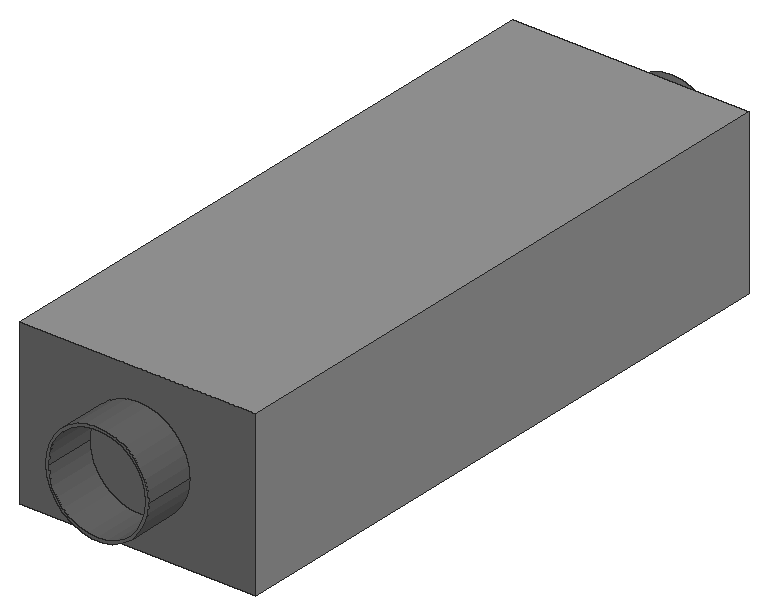
Revit family "sil_silencer", category Duct Accessories, Revit 2015
Parameters (values of type "SIL-100")
  Width = if(Spigot Diameter = 100 mm, 230 mm, if(Spigot Diameter = 125 mm, 230 mm, if(Spigot Diameter = 150 mm, 300 mm, if(Spigot Diameter = 200 mm, 350 mm, if(Spigot Diameter = 250 mm, 350 mm, if(Spigot Diameter = 315 mm, 400 mm, if(Spigot Diameter = 400 mm, 700 mm, if(Spigot Diameter = 500 mm, 700 mm, 350 mm))))))))  # 230 mm
  Weight = if(Spigot Diameter = 100 mm, 4.90 kg, if(Spigot Diameter = 125 mm, 4.90 kg, if(Spigot Diameter = 150 mm, 6.60 kg, if(Spigot Diameter = 200 mm, 9.90 kg, if(Spigot Diameter = 250 mm, 10.90 kg, if(Spigot Diameter = 315 mm, 12.20 kg, if(Spigot Diameter = 400 mm, 31.70 kg, if(Spigot Diameter = 500 mm, 40.00 kg, 0.00 kg))))))))  # 4.90 kg
  Unit Description = "Inline Silencer"
  Spigot ID = Spigot Diameter - 5 mm  # 95 mm
  Spigot Diameter = 100 mm
  Revit Family Last Revised = "30/10/18"  # constant formula
  Quote/Order Location Reference [instance] = ""
  OmniClass Title = "Ductwork Sound Attenuators"  # constant formula
  OmniClass Number = "23-33 49 21 17"  # constant formula
  Nuaire Quote/Order Reference [instance] = ""
  Nuaire Model Code = if(Spigot Diameter = 100 mm, "SIL-100", if(Spigot Diameter = 125 mm, "SIL-125", if(Spigot Diameter = 150 mm, "SIL-150", if(Spigot Diameter = 200 mm, "SIL-200", if(Spigot Diameter = 250 mm, "SIL-250", if(Spigot Diameter = 315 mm, "SIL-315", if(Spigot Diameter = 400 mm, "SIL-400", if(Spigot Diameter = 500 mm, "SIL-500", "SILENCER"))))))))  # "SIL-100"
  Model Drawn by = "Michael Grote"  # constant formula
  URL = "http://www.nuaire.co.uk"
  Warranty Period = "3 Years"
  Weatherproof or Internal Only = "Internal"
  Manufacturer Name = "Nuaire"  # constant formula
  Manufacturer = Manufacturer Name  # "Nuaire"
  Length = if(Spigot Diameter = 100 mm, 600 mm, if(Spigot Diameter = 125 mm, 600 mm, if(Spigot Diameter = 150 mm, 600 mm, if(Spigot Diameter = 200 mm, 600 mm, if(Spigot Diameter = 250 mm, 600 mm, if(Spigot Diameter = 315 mm, 600 mm, if(Spigot Diameter = 400 mm, 900 mm, if(Spigot Diameter = 500 mm, 900 mm, 600 mm))))))))  # 600 mm
  IFCExportAs = "IfcDuctSilencerType"  # constant formula
  Height = if(Spigot Diameter = 100 mm, 159 mm, if(Spigot Diameter = 125 mm, 159 mm, if(Spigot Diameter = 150 mm, 184 mm, if(Spigot Diameter = 200 mm, 234 mm, if(Spigot Diameter = 250 mm, 284 mm, if(Spigot Diameter = 315 mm, 349 mm, if(Spigot Diameter = 400 mm, 475 mm, if(Spigot Diameter = 500 mm, 575 mm, 284 mm))))))))  # 159 mm
  Description = Unit Description  # "Inline Silencer"
  Classification.Uniclass.Pr.Number = "Pr_65_67_78"  # constant formula
  Classification.Uniclass.Pr.Description = "Sound attenuators"  # constant formula
  Catalogue Pages = "http://www.nuaire.info/catalogue/SupplyExtract-Squrbo.pdf"
  Address = "Western Industrial Estate, Caerphilly, UK"  # constant formula
  Postcode = "CF83 1NA"  # constant formula
  Telephone Number = "+44(0)2920-858-200"  # constant formula
  Fax Number = "+44(0)2920-858-222"  # constant formula
  Email Address = "info@nuaire.co.uk"  # constant formula
  VAT Registration Number = "877308"  # constant formula
  Model = Nuaire Model Code  # "SIL-100"
  Spigot Radius = Spigot Diameter / 2  # 50 mm
Types (8, lengths in mm): name | Width | Weight | Spigot ID | Spigot Diameter | Nuaire Model Code | Length | Height | Model | Spigot Radius
  SIL-100 | 230 | 4.90 kg | 95 | 100 | "SIL-100" | 600 | 159 | "SIL-100" | 50
  SIL-125 | 230 | 4.90 kg | 120 | 125 | "SIL-125" | 600 | 159 | "SIL-125" | 62.5
  SIL-150 | 300 | 6.60 kg | 145 | 150 | "SIL-150" | 600 | 184 | "SIL-150" | 75
  SIL-200 | 350 | 9.90 kg | 195 | 200 | "SIL-200" | 600 | 234 | "SIL-200" | 100
  SIL-250 | 350 | 10.90 kg | 245 | 250 | "SIL-250" | 600 | 284 | "SIL-250" | 125
  SIL-315 | 400 | 12.20 kg | 310 | 315 | "SIL-315" | 600 | 349 | "SIL-315" | 157.5
  SIL-400 | 700 | 31.70 kg | 395 | 400 | "SIL-400" | 900 | 475 | "SIL-400" | 200
  SIL-500 | 700 | 40.00 kg | 495 | 500 | "SIL-500" | 900 | 575 | "SIL-500" | 250
Reference planes
  plane 1 "Center (Front/Back)": y = 0
  plane 2: z = 0
  plane 3 "Center (Left/Right)": x = 0
  plane 4: x = 115
  plane 5: x = -115
  plane 6: y = 300
  plane 7: y = -300
  plane 8: z = 159
  plane 9: z = 79.5
  plane 10: y = 350
  plane 11: y = -350
Forms (mm)
  Extrusion 1, solid, material "Aluzinc"
    sketch origin (0, 0, 0) x (1, 0, 0) y (0, 1, 0)
      loop
        line (-115, 300) -> (-115, -300) -> (115, -300) -> (115, 300) -> (-115, 300)
    from 0 to 159
  Extrusion 2, solid, material "Black Plastic"
    sketch origin (0, 0, 0) x (1, 0, 0) y (0, 0, 1)
      loop
        circle (0, 79.5) r 50
      loop
        circle (0, 79.5) r 47.5
    from 300 to 350
  Extrusion 3, solid, material "Black Plastic"
    sketch origin (0, 1325, 0) x (1, 0, 0) y (0, 0, 1)
      loop
        circle (0, 79.5) r 50
      loop
        circle (0, 79.5) r 47.5
    from 975 to 1025
Lines and regions (mm)
  Split face 1
    outline origin (0, 0, 159) x (1, 0, 0) y (0, 1, 0)
      loop
        line (-115, -270) -> (115, -270)
      loop
        line (-115, 270) -> (115, 270)
  Split face 2
    outline origin (-115, -300, 0) x (0, 1, 0) y (0, 0, -1)
      loop
        line (30, -159) -> (30, 0)
      loop
        line (570, -159) -> (570, 0)
  Split face 3
    outline origin (0, 0, 0) x (1, 0, 0) y (0, 1, 0)
      loop
        line (-115, -270) -> (115, -270)
      loop
        line (-115, 270) -> (115, 270)
  Split face 4
    outline origin (115, 300, 0) x (0, -1, 0) y (0, 0, -1)
      loop
        line (570, -159) -> (570, 0)
      loop
        line (30, -159) -> (30, 0)
Dimensions and locks
  equal spacing: plane 5, plane 3 "Center (Left/Right)", plane 4
  "Width": plane 5 to plane 4
  equal spacing: plane 6, plane 1 "Center (Front/Back)", plane 7
  "Length": plane 6 to plane 7
  equal spacing: plane 8, plane 9, plane 2
  "Height": plane 8 to plane 2
  locked: plane 10 to plane 6 at 50
  locked: plane 11 to plane 7 at 50
  Extrusion 1 to Split face 1 sketch curve = 30 mm  (x2)
  locked: Extrusion 1 to Split face 3 sketch curve at 30  (x2)
  locked: Split face 4 sketch curve to Extrusion 1 at 30
  locked: Extrusion 1 to Split face 4 sketch curve at 30
  locked: Extrusion 1 to Split face 2 sketch curve at 30
  locked: Split face 2 sketch curve to Extrusion 1 at 30
  "Spigot Diameter": diameter of Extrusion 2 sketch curve
  "Spigot ID": diameter of Extrusion 2 sketch curve
  "Spigot Diameter": diameter of Extrusion 3 sketch curve
  "Spigot ID": diameter of Extrusion 3 sketch curve
  aligned and locked: level to plane 2
  aligned and locked: Extrusion 1 sketch curve to plane 6
  aligned and locked: Extrusion 1 sketch curve to plane 5
  aligned and locked: Extrusion 1 sketch curve to plane 7
  aligned and locked: Extrusion 1 sketch curve to plane 4
  aligned and locked: Extrusion 1 to level
  aligned and locked: plane 8 to Extrusion 1
  aligned and locked: level to Extrusion 1
  aligned and locked: plane 11 to Extrusion 2
  aligned and locked: Extrusion 2 to plane 7
  aligned and locked: Extrusion 3 to plane 6
  aligned and locked: plane 10 to Extrusion 3
  aligned and locked: plane 3 "Center (Left/Right)" to nested 4
  aligned and locked: nested 4 to plane 1 "Center (Front/Back)"
Automatic sketch dimensions
  Split face 1 sketch curve to Extrusion 1 = 0 mm  (x4)
  Extrusion 1 to Split face 2 sketch curve = 0 mm  (x2)
  Split face 2 sketch curve to Extrusion 1 = 0 mm  (x2)
  Split face 3 sketch curve to Extrusion 1 = 0 mm  (x4)
  Split face 4 sketch curve to Extrusion 1 = 0 mm  (x2)
  Extrusion 1 to Split face 4 sketch curve = 0 mm  (x2)
  Extrusion 2 sketch curve to Extrusion 2 sketch curve = 0 mm  (x2)
  Extrusion 2 sketch curve to plane 3 "Center (Left/Right)" = 0 mm
  Extrusion 2 sketch curve to plane 9 = 0 mm
  Extrusion 3 sketch curve to Extrusion 3 sketch curve = 0 mm  (x2)
  Extrusion 3 sketch curve to plane 3 "Center (Left/Right)" = 0 mm
  Extrusion 3 sketch curve to plane 9 = 0 mm
Nested families
  nested 1: "hole" at (145, 70, 304), type "hole"
  nested 2: "hole" at (-145, 70, 304), type "hole"
  nested 3: "hole" at (145, -70, 304), type "hole"
  nested 4: "label_nuaire_logo" at (0, 0, 159) x (0, 1, 0) z (0, 0, 1), type "label_nuaire_logo"
    with Scale Factor 598.068 mm, Actual Scale 209.324 mm
Connectors
  hvac at (0, -350, 79.5), driven by "Spigot Radius"
    settings: on Extrusion 2, index 1, duct flow 0.0 L/s, flow factor 0, pres drop 0.0 Pa, loss coef 0, conn angle 0.00°, conn width 304.8 mm, conn height 304.8 mm, conn diameter 100 mm, duct sys type 28, conn prof type 0, flow config 0, flow direction 0, loss method 0, conn ref index 2, conn util no, is conn primary yes, conn desc ""
  hvac at (0, 350, 79.5), driven by "Spigot Radius"
    settings: on Extrusion 3, index 2, duct flow 0.0 L/s, flow factor 0, pres drop 0.0 Pa, loss coef 0, conn angle 0.00°, conn width 304.8 mm, conn height 304.8 mm, conn diameter 100 mm, duct sys type 28, conn prof type 0, flow config 0, flow direction 0, loss method 0, conn ref index 1, conn util no, is conn primary no, conn desc ""
Definition of nested family "label_nuaire_logo"
  Parameters
    Scale Factor [instance] = Scale * 452  # 452 mm
    Scale = 1 mm
    Actual Scale [instance] = Scale Factor * 0.35  # 158.2 mm
  Reference planes
    plane 1 "Center (Front/Back)": y = 0
    plane 2: z = 0
    plane 3 "Center (Left/Right)": x = 0
  Lines and regions (mm)
    reference lines
      curve 1: line (79.1, -32.13, 0) -> (79.1, 30, 0)
      curve 2: line (-79.1, -32.13, 0) -> (-79.1, 30, 0)
  Dimensions and locks
    equal spacing: curve 2, plane 3 "Center (Left/Right)", curve 1
    "Actual Scale": curve 2 to curve 1
    aligned and locked: level to plane 2
  Automatic sketch dimensions
    plane 1 "Center (Front/Back)" to curve 2 = 32.13 mm
    plane 1 "Center (Front/Back)" to curve 1 = 32.13 mm
    curve 2 to plane 1 "Center (Front/Back)" = 30 mm
    curve 1 to plane 1 "Center (Front/Back)" = 30 mm
  Nested families
    nested 1: "logo_stage2" at (10, 0, 0), type "logo_stage2"
  Definition of nested family "logo_stage2"
    Parameters
      Height = 452 mm
    Reference planes
      plane 1 "Center (Front/Back)": y = 0
      plane 2: z = 0
      plane 3 "Center (Left/Right)": x = 0
    Dimensions and locks
      aligned and locked: level to plane 2
    Nested families
      nested 1: "logo_stage1" at (0, 0, 0), type "logo_stage1"
    Definition of nested family "logo_stage1"
      Parameters
        Height = 1300 mm
      Reference planes
        plane 1 "Center (Front/Back)": y = 0
        plane 2: z = 0
        plane 3 "Center (Left/Right)": x = 0
      Lines and regions (mm)
        model lines
          curve 1: arc (7.927, 29.489, 0) -> (-47.363, 58.16, 0) -> (-106.604, 77.382, 0) r 378.77
          curve 2: arc (-106.604, 77.382, 0) -> (-163.216, 86.224, 0) -> (-220.277, 81.007, 0) r 233.393
          curve 3: arc (-246.965, 20.991, 0) -> (-215.043, -15.792, 0) -> (-174.42, -42.657, 0) r 179.785
          curve 4: arc (-174.42, -42.657, 0) -> (-107.072, -70.342, 0) -> (-36.955, -89.99, 0) r 623.693
          curve 5: arc (-36.955, -89.99, 0) -> (-105.996, -69.023, 0) -> (-170.812, -37.319, 0) r 451.207
          curve 6: arc (-170.812, -37.319, 0) -> (-200.304, -16.562, 0) -> (-226.197, 8.542, 0) r 230.474
          curve 7: arc (-206.815, 72.232, 0) -> (-163.659, 78.527, 0) -> (-120.226, 74.571, 0) r 185.468
          curve 8: arc (-120.226, 74.571, 0) -> (-54.126, 57.782, 0) -> (7.927, 29.489, 0) r 381.393
          curve 9: line (-161.219, -24.259, 0) -> (-141.514, -24.259, 0)
          curve 10: line (-141.514, -24.259, 0) -> (-136.798, 0, 0)
          curve 11: arc (-136.798, 0, 0) -> (-133.437, 8.115, 0) -> (-125.322, 11.477, 0) r 11.477
          curve 12: arc (-125.322, 11.477, 0) -> (-118.479, 7.762, 0) -> (-117.869, 0, 0) r 8.158
          curve 13: line (-117.869, 0, 0) -> (-122.146, -24.259, 0)
          curve 14: line (-122.146, -24.259, 0) -> (-102.441, -24.259, 0)
          curve 15: line (-102.441, -24.259, 0) -> (-97.309, 4.849, 0)
          curve 16: arc (-97.309, 4.849, 0) -> (-99.379, 18.095, 0) -> (-110.885, 24.977, 0) r 15.794
          curve 17: arc (-110.885, 24.977, 0) -> (-122.995, 23.787, 0) -> (-133.701, 18.002, 0) r 30.821
          curve 18: line (-133.701, 18.002, 0) -> (-132.598, 24.255, 0)
          curve 19: line (-161.219, -24.259, 0) -> (-152.664, 24.255, 0)
          curve 20: line (-152.664, 24.255, 0) -> (-132.598, 24.255, 0)
          curve 21: line (-80.79, 24.255, 0) -> (-86.175, -3.448, 0)
          curve 22: arc (-86.175, -3.448, 0) -> (-83.467, -16.761, 0) -> (-72.138, -24.259, 0) r 17.751
          curve 23: arc (-72.138, -24.259, 0) -> (-59.938, -25.434, 0) -> (-47.739, -24.259, 0) r 63.934
          curve 24: arc (-47.739, -24.259, 0) -> (-34.611, -17.57, 0) -> (-27.023, -4.941, 0) r 26.727
          curve 25: line (-27.023, -4.941, 0) -> (-21.348, 24.255, 0)
          curve 26: line (-21.348, 24.255, 0) -> (-41.053, 24.255, 0)
          curve 27: line (-41.053, 24.255, 0) -> (-46.093, -1.676, 0)
          curve 28: arc (-46.093, -1.676, 0) -> (-50.186, -8.91, 0) -> (-57.808, -12.224, 0) r 13.097
          curve 29: arc (-57.808, -12.224, 0) -> (-64.693, -9.158, 0) -> (-65.742, -1.695, 0) r 7.773
          curve 30: line (-65.742, -1.695, 0) -> (-61.166, 24.255, 0)
          curve 31: line (-61.166, 24.255, 0) -> (-80.79, 24.255, 0)
          curve 32: arc (31.54, 19.236, 0) -> (16.208, 25.528, 0) -> (0, 22.075, 0) r 28.07
          curve 33: arc (0, 22.075, 0) -> (-10.88, 12.774, 0) -> (-17.338, 0, 0) r 36.434
          curve 34: arc (-17.338, 0, 0) -> (-15.613, -14.796, 0) -> (-4.047, -24.183, 0) r 19.761
          curve 35: arc (-4.047, -24.183, 0) -> (10.741, -24.948, 0) -> (24.166, -18.699, 0) r 30.688
          curve 36: line (24.166, -18.699, 0) -> (23.117, -24.098, 0)
          curve 37: line (23.117, -24.098, 0) -> (43.271, -24.098, 0)
          curve 38: line (43.271, -24.098, 0) -> (51.797, 24.255, 0)
          curve 39: line (51.797, 24.255, 0) -> (32.515, 24.255, 0)
          curve 40: line (32.515, 24.255, 0) -> (31.54, 19.236, 0)
          curve 41: arc (27.176, -3.213, 0) -> (27.314, 5.536, 0) -> (19.984, 10.314, 0) r 9.053
          curve 42: arc (19.984, 10.314, 0) -> (10.965, 8.578, 0) -> (4.044, 2.54, 0) r 17.627
          curve 43: arc (4.044, 2.54, 0) -> (3.437, -5.353, 0) -> (9.873, -9.961, 0) r 8.063
          curve 44: arc (9.873, -9.961, 0) -> (19.716, -9.642, 0) -> (27.176, -3.213, 0) r 14.789
          curve 45: line (64.987, 24.255, 0) -> (85.001, 24.255, 0)
          curve 46: line (85.001, 24.255, 0) -> (76.475, -24.098, 0)
          curve 47: line (76.475, -24.098, 0) -> (56.461, -24.098, 0)
          curve 48: line (56.461, -24.098, 0) -> (64.987, 24.255, 0)
          curve 49: line (97.733, 24.255, 0) -> (117.438, 24.255, 0)
          curve 50: line (117.438, 24.255, 0) -> (116.079, 16.546, 0)
          curve 51: arc (116.079, 16.546, 0) -> (127.306, 23.283, 0) -> (140.3, 24.886, 0) r 31.571
          curve 52: line (140.3, 24.886, 0) -> (137.316, 7.965, 0)
          curve 53: arc (137.316, 7.965, 0) -> (129.144, 9.507, 0) -> (120.972, 7.965, 0) r 22.429
          curve 54: arc (120.972, 7.965, 0) -> (114.704, 2.976, 0) -> (112.337, -4.677, 0) r 13.585
          curve 55: line (112.337, -4.677, 0) -> (108.912, -24.098, 0)
          curve 56: line (108.912, -24.098, 0) -> (89.207, -24.098, 0)
          curve 57: line (89.207, -24.098, 0) -> (97.733, 24.255, 0)
          curve 58: arc (93.618, 47.57, 0) -> (74.854, 53.038, 0) -> (55.359, 51.64, 0) r 55.33
          curve 59: arc (93.618, 47.57, 0) -> (97.282, 41.659, 0) -> (93.618, 35.747, 0) r 6.601
          curve 60: arc (93.618, 35.747, 0) -> (84.065, 32.23, 0) -> (73.978, 30.85, 0) r 47.065
          curve 61: arc (73.978, 30.85, 0) -> (80.846, 32.41, 0) -> (86.601, 36.47, 0) r 18.116
          curve 62: arc (86.601, 36.47, 0) -> (88.036, 41.905, 0) -> (84.218, 46.03, 0) r 5.836
          curve 63: arc (84.218, 46.03, 0) -> (70.224, 51.08, 0) -> (55.359, 51.64, 0) r 48.391
          curve 64: line (157.905, -2.864, 0) -> (199.286, -2.864, 0)
          curve 65: arc (199.286, -2.864, 0) -> (197.145, 14.652, 0) -> (182.34, 24.255, 0) r 20.852
          curve 66: arc (182.34, 24.255, 0) -> (165.366, 23.801, 0) -> (149.457, 17.863, 0) r 51.614
          curve 67: arc (149.457, 17.863, 0) -> (140.348, 5.451, 0) -> (139.348, -9.912, 0) r 27.469
          curve 68: arc (139.348, -9.912, 0) -> (144.958, -19.523, 0) -> (155.103, -24.098, 0) r 18.276
          curve 69: arc (155.103, -24.098, 0) -> (178.591, -23.478, 0) -> (196.981, -8.856, 0) r 37.046
          curve 70: line (196.981, -8.856, 0) -> (178.291, -8.856, 0)
          curve 71: arc (178.291, -8.856, 0) -> (168.439, -13.819, 0) -> (158.586, -8.856, 0) r 12.261
          curve 72: arc (158.586, -8.856, 0) -> (157.442, -5.951, 0) -> (157.905, -2.864, 0) r 6.023
          curve 73: line (199.286, -2.864, 0) -> (157.905, -2.864, 0)
          curve 74: line (159.772, 7.114, 0) -> (183.418, 7.114, 0)
          curve 75: arc (183.418, 7.114, 0) -> (171.595, 14.487, 0) -> (159.772, 7.114, 0) r 13.165
          curve 76: arc (-206.815, 72.232, 0) -> (-234.166, 45.761, 0) -> (-226.197, 8.542, 0) r 39.242
          curve 77: arc (-220.277, 81.007, 0) -> (-248.829, 57.762, 0) -> (-246.965, 20.991, 0) r 40.723
      Dimensions and locks
        aligned and locked: level to plane 2
